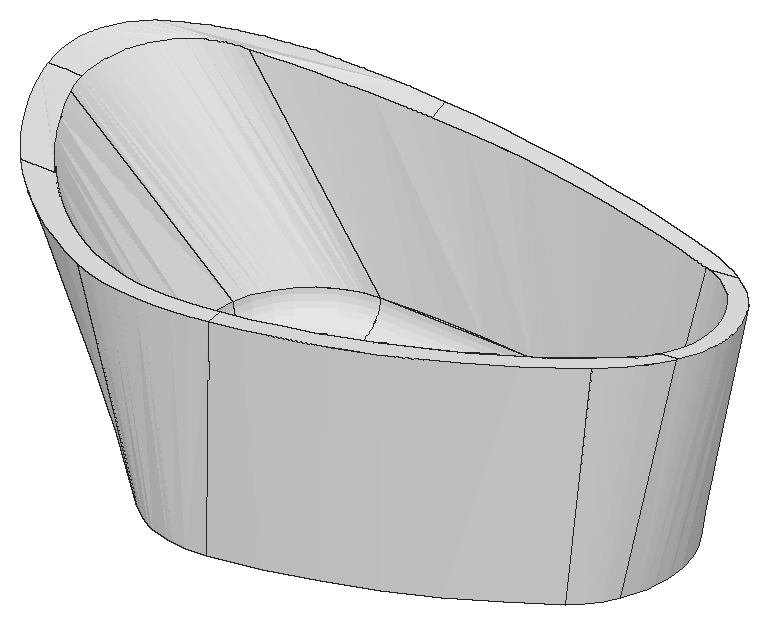
Revit family "Bath-Freestanding-KOHLER-Veil-K-8331T", category Plumbing Fixtures, host Face, Revit 2017
Family settings
  Host = Face
  Round Connector Dimension = Use Diameter
  Part Type = Normal
  OmniClass Number = 23.31.15.00
  OmniClass Title = Bathtubs
  Cut with Voids When Loaded = No
  Shared = No
  Room Calculation Point = No
Parameters (values of type "0-White")
  Width = 37 143/256"  # constant formula
  WaterSense Certified = 1 = 0  # no
  Waste Water Outlet = "Waste Water Outlet"  # constant formula
  Waste Connection = 1 = 1  # yes
  Vent Connection = 1 = 0  # no
  URL = "http://www.kohler.com.cn/"
  Product Page URL = "http://www.kohler.com.cn/product/K-8331T/K-8331T-0/"
  Product Name = "Veil"  # constant formula
  Product Documentation Link = "https://files.kohler.com.cn/pdfs/1510303997395_K-8331T_parts.pdf"
  Model = "K-8331T-0"  # constant formula
  Material = "Lithocast Gloss"  # constant formula
  Master Format 2014 Name = "Residential Bathtubs"  # constant formula
  Master Format 2014 = "22 41 19"  # constant formula
  Manufacturer Address = "Kohler Beijing Office (100016) 36-2-03-B, No. 88, Liuxiang Road, Beijing"  # constant formula
  Manufacturer = "KOHLER Co."  # constant formula
  Length = 64 15/16"  # constant formula
  Hot Water Inlet = "Hot Water Inlet"  # constant formula
  Height = 24 3/8"  # constant formula
  HW Connection = 1 = 0  # no
  Finish = Kohler-Lithocast-0-White
  Environmental Product Declaration = ""
  Drain Included = 1 = 1  # yes
  Description = "Lingya stone bathtub (including drainage)"  # constant formula
  Default Elevation = 0"
  Declare Label = ""
  Date Modified = "01/15/2021"  # constant formula
  Date Created = "01/15/2021"  # constant formula
  Copyright = "Copyright KOHLER Co."  # constant formula
  Contact Us = "http://www.kohler.com.cn/contact/contact-us/"
  Cold Water Inlet = "Cold Water Inlet"  # constant formula
  CW Connection = 1 = 0  # no
  Assembly Code = "D2010500"
  ADA Compliant = 1 = 0  # no
Reference planes (in)
  plane 1 "Center (Front/Back)": y = 0
  plane 2: z = 0
  plane 3 "Center (Left/Right)": x = 0
  plane 4: x = 32.46063
  plane 5: x = -32.47687
  plane 6: y = 15.125
  plane 7: y = -22.43359
  plane 8: z = 24.375
  plane 9: x = 16.27953
  plane 10: y = -4.32382
Dimensions and locks (in)
  "Height": plane 8 to level
  "Length": plane 5 to plane 4
  plane 9 to plane 4 = 16.1811"
  plane 10 to plane 6 = 19.44882"
  "Width": plane 7 to plane 6
  aligned and locked: plane 2 to host face
  aligned and locked: level to host face
Automatic sketch dimensions
  host sketch curve to host sketch curve = 96"  (x2)
Nested families (in)
  nested 1: "K-8331T" at (0, 0, 0), type "K-8331T"
Connectors (in)
  piping at (16.27953, -4.32382, 0.8281), diameter 1.5, driven by "Waste Connection", driven by "Waste Water Outlet"
    settings: on nested 1, index 1, connector inside diameter 24", connector length 0", flow factor 0, pipe flow 0 GPM, pressure drop 0.00 psi, fitting loss kfactor 0, connector angle 0.00°, fixture units 0, engagement length 0", angle of deflection 0.00°, flow configuration 0, flow direction 2, fitting loss method 0, system type 16, joint type 0, gender type 0, connector reference index -1, connector utility 1, adjustable connector no, is connector primary yes, connector description "Waste Water Outlet"
Definition of nested family "K-8331T"
  Parameters (values of type "K-8331T")
    Material = none
  Reference planes (in)
    plane 1 "Center (Front/Back)": y = 0
    plane 2: z = 0
    plane 3 "Center (Left/Right)": x = 0
    plane 4: y = 15.125
    plane 5: y = -22.43406
    plane 6: x = 32.46063
    plane 7: x = -32.46063
    plane 8: z = 24.37008
    plane 9: x = 16.27953
    plane 10 "A": y = -4.32382
  Forms (in)
    Blend 1, solid, material <- "Material", detail levels medium+fine
      base sketch origin (-80.78691, -73.24896, 0) x (0.987688, 0.156434, 0) y (-0.156434, 0.987688, 0)
        loop
          arc (86.888, 41.17867) -> (101.13384, 43.03407) -> (114.54833, 48.17589) r 60.88185
          arc (114.54833, 48.17589) -> (116.32929, 49.44034) -> (117.7149, 51.12877) r 8.22931
          arc (117.7149, 51.12877) -> (119.46284, 56.71274) -> (118.31126, 62.44946) r 11.79111
          arc (118.31126, 62.44946) -> (116.66349, 64.70835) -> (114.32137, 66.23551) r 7.75
          arc (114.32137, 66.23551) -> (99.20467, 71.23659) -> (83.5001, 73.86186) r 103.58765
          arc (83.5001, 73.86186) -> (79.68964, 73.46396) -> (76.30844, 71.66243) r 10
          arc (76.30844, 71.66243) -> (73.84255, 68.703) -> (72.67827, 65.03105) r 10
          arc (72.67827, 65.03105) -> (73.54797, 54.57157) -> (78.35113, 45.23955) r 26.92108
          arc (78.35113, 45.23955) -> (82.14922, 42.22035) -> (86.888, 41.17867) r 10.75
      top sketch origin (-80.78691, -73.24896, 0) x (0.987688, 0.156434, 0) y (-0.156434, 0.987688, 0)
        loop
          arc (59.21597, 63.48165) -> (64.68278, 50.46465) -> (75.14286, 40.9823) r 32.58208
          spline (75.14286, 40.9823) -> (75.90649, 40.58426) -> (76.73244, 40.22505) -> (77.62069, 39.90468) -> (78.57126, 39.62314) -> (79.58413, 39.38044) -> (80.65932, 39.17658) -> (81.79682, 39.01155) -> (82.99663, 38.88537) -> (84.25875, 38.79801) -> (85.58319, 38.7495) -> (86.96993, 38.73982) -> (88.41899, 38.76898)
          arc (88.41899, 38.76898) -> (103.53503, 41.20016) -> (117.55933, 47.34219) r 60.59933
          arc (117.55933, 47.34219) -> (120.38633, 49.45585) -> (122.7236, 52.10097) r 17.24023
          arc (122.7236, 52.10097) -> (124.41807, 58.50663) -> (121.43815, 64.42473) r 9.34173
          arc (121.43815, 64.42473) -> (119.15155, 66.19377) -> (116.60316, 67.55899) r 17.36721
          arc (116.60316, 67.55899) -> (101.013, 73.02106) -> (84.8036, 76.20584) r 115.63124
          spline (84.8036, 76.20584) -> (82.8013, 76.42615) -> (80.86951, 76.58527) -> (79.00816, 76.68316) -> (77.21721, 76.71976) -> (75.4966, 76.69502) -> (73.84627, 76.60884) -> (72.26618, 76.46112) -> (70.75628, 76.25174) -> (69.31653, 75.98058) -> (67.94698, 75.64748) -> (66.64767, 75.25227) -> (65.41867, 74.79477)
          spline (65.41867, 74.79477) -> (64.21164, 74.24021) -> (63.12731, 73.61439) -> (62.16639, 72.91671) -> (61.32963, 72.14663) -> (60.61825, 71.30421) -> (60.03382, 70.39021) -> (59.57749, 69.4061) -> (59.24984, 68.35353) -> (59.05051, 67.23386) -> (58.97895, 66.04837) -> (59.03441, 64.79762) -> (59.21597, 63.48165)
      from 0 to 24.58641
    Sweep 2, void
      path origin (8.10504, -59.16986, 0.875) x (-0.156434, 0.987688, 0) y (0, 0, 1)
        loop
          line (36.12827, 21.72931) -> (38.62827, 21.72931) -> (52.12622, 21.4937)
          arc (52.12622, 21.4937) -> (58.63608, 21.47345) -> (65.14385, 21.63992) r 226.9498
          arc (65.14385, 21.63992) -> (72.16893, 22.41819) -> (79.01521, 24.17485) r 50.22875
      profile origin (2.45333, -23.48639, 22.60431) x (0, 0, -1) y (0.987688, 0.156434, 0)
        loop
          line (0.61082, 35.32831) -> (-4.55764, 35.32831) -> (-4.55764, -34.35674) -> (-2.05764, -34.35674)
          arc (-2.05764, -34.35674) -> (-0.05741, -18.10285) -> (0.61082, -1.73998) r 200.67231
          line (0.61082, -1.73998) -> (0.61082, 35.32831)
    Blend 3, void
      base sketch origin (-0.81971, -2.82121, 0) x (0.987688, 0.156434, 0) y (-0.156434, 0.987688, 0)
        loop
          arc (23.60701, -8.67137) -> (28.92225, 0.50784) -> (22.798, 9.16828) r 9.82509
          arc (22.798, 9.16828) -> (8.56503, 13.76649) -> (-6.18354, 16.25664) r 103.08765
          arc (-6.18354, 16.25664) -> (-11.97191, 14.82145) -> (-15.59224, 10.08244) r 9
          arc (-15.59224, 10.08244) -> (-16.33123, -0.92104) -> (-11.75234, -10.95381) r 22.49874
          arc (-11.75234, -10.95381) -> (-7.50934, -14.27242) -> (-2.23133, -15.34892) r 11.75
          arc (-2.23133, -15.34892) -> (11.06137, -13.4555) -> (23.60701, -8.67137) r 60.38185
      top sketch origin (-0.81971, -2.82121, 0) x (0.987688, 0.156434, 0) y (-0.156434, 0.987688, 0)
        loop
          arc (28.82032, -6.99281) -> (32.85375, 0.88782) -> (27.84077, 8.18459) r 8.64544
          arc (27.84077, 8.18459) -> (4.95108, 15.65368) -> (-19.04235, 17.66365) r 104.08765
          arc (-19.04235, 17.66365) -> (-26.53168, 13.76258) -> (-28.1666, 5.47793) r 9.75
          arc (-28.1666, 5.47793) -> (-24.50437, -3.38558) -> (-18.55354, -10.9063) r 34.66193
          arc (-18.55354, -10.9063) -> (-12.53039, -14.84288) -> (-5.4951, -16.35274) r 19.69132
          arc (-5.4951, -16.35274) -> (12.35544, -14.21285) -> (28.82032, -6.99281) r 61.38185
      from 6.13875 to 24.58641
    Sweep 4, void
      path origin (-0.81971, -2.82121, 0) x (0.987688, 0.156434, 0) y (-0.156434, 0.987688, 0)
        loop
          arc (28.8625, -1.10663) -> (28.92378, 0.47279) -> (28.73099, 2.0416) r 9.82509
          arc (28.73099, 2.0416) -> (26.65816, 6.34892) -> (22.798, 9.16828) r 9.82509
          arc (22.798, 9.16828) -> (8.56503, 13.76649) -> (-6.18354, 16.25664) r 103.08765
          arc (-6.18354, 16.25664) -> (-11.97191, 14.82145) -> (-15.59224, 10.08244) r 9
          arc (-15.59224, 10.08244) -> (-16.33123, -0.92104) -> (-11.75234, -10.95381) r 22.49874
          arc (-11.75234, -10.95381) -> (-7.50934, -14.27242) -> (-2.23133, -15.34892) r 11.75
          arc (-2.23133, -15.34892) -> (11.06137, -13.4555) -> (23.60701, -8.67137) r 60.38185
          arc (23.60701, -8.67137) -> (27.17618, -5.54304) -> (28.8625, -1.10663) r 9.82509
      profile origin (27.674, 2.17043, 0) x (-0.980299, -0.19752, 0) y (0, 0, 1)
        loop
          line (3.25793, 6.13875) -> (0, 6.13875)
          arc (0, 6.13875) -> (0.76267, 4.12007) -> (2.74758, 3.27339) r 2.75
          line (2.74758, 3.27339) -> (3.25793, 3.27339) -> (3.25793, 6.13875)
    Extrusion 5, void
      sketch origin (-0.81971, -2.82121, 0) x (0.987688, 0.156434, 0) y (-0.156434, 0.987688, 0)
        loop
          arc (-12.49427, 9.0741) -> (-13.12625, -0.33602) -> (-9.21041, -8.91599) r 19.2408
          arc (-9.21041, -8.91599) -> (-6.14387, -11.31444) -> (-2.3293, -12.09246) r 8.49207
          arc (-2.3293, -12.09246) -> (10.24619, -10.3012) -> (22.11492, -5.7752) r 57.12392
          arc (22.11492, -5.7752) -> (24.50058, -3.6842) -> (25.62772, -0.71888) r 6.56716
          arc (25.62772, -0.71888) -> (25.66868, 0.33682) -> (25.53982, 1.38543) r 6.56716
          arc (25.53982, 1.38543) -> (24.15433, 4.26447) -> (21.57417, 6.14894) r 6.56716
          arc (21.57417, 6.14894) -> (7.79101, 10.60184) -> (-6.49145, 13.01329) r 99.82971
          arc (-6.49145, 13.01329) -> (-10.18448, 12.09763) -> (-12.49427, 9.0741) r 5.74207
      from 3.27339 to 6.13875
    Extrusion 6, void, detail levels medium+fine
      sketch origin (-0.81971, -2.82121, 0) x (0.987688, 0.156434, 0) y (-0.156434, 0.987688, 0)
        loop
          arc (23.61717, -7.10514) -> (24.9653, -6.14799) -> (26.01415, -4.86991) r 6.22931
          arc (26.01415, -4.86991) -> (27.46561, -0.23309) -> (26.50936, 4.53057) r 9.79111
          arc (26.50936, 4.53057) -> (25.28682, 6.20653) -> (23.54912, 7.33958) r 5.75
          arc (23.54912, 7.33958) -> (8.72428, 12.24409) -> (-6.67707, 14.81868) r 101.58765
          arc (-6.67707, 14.81868) -> (-12.44363, 13.04836) -> (-15.33454, 7.75403) r 8
          arc (-15.33454, 7.75403) -> (-14.52945, -1.92839) -> (-10.08312, -10.56713) r 24.92108
          arc (-10.08312, -10.56713) -> (-6.99165, -13.02462) -> (-3.13451, -13.8725) r 8.75
          arc (-3.13451, -13.8725) -> (10.64336, -12.07805) -> (23.61717, -7.10514) r 58.88185
      from 0 to 2.66635
    Revolve 7, void
      sketch origin (-1.22681, -7.14503, 0.5) x (0.987688, 0.156434, 0) y (0, 0, 1)
        loop
          line (15.16466, 0.3281) -> (17.72466, 0.3281) -> (17.72466, 2.77339) -> (14.42293, 2.77339)
          arc (14.42293, 2.77339) -> (14.94843, 2.55512) -> (15.16466, 2.02877) r 0.74174
          line (15.16466, 2.02877) -> (15.16466, 0.3281)
        axis (17.72466, 2.77339) -> (17.72466, 0.3281)
      angle from 0 to 360
    Extrusion 8, void, detail levels medium+fine
      sketch origin (11.12188, -8.08052, 0) x (-0.587785, -0.809017, 0) y (0, 0, 1)
        loop
          line (-8.82228, 19.25) -> (-10.82228, 19.25)
          arc (-10.82228, 19.25) -> (-11.07228, 19) -> (-10.82228, 18.75) r 0.25
          line (-10.82228, 18.75) -> (-8.82228, 18.75)
          arc (-8.82228, 18.75) -> (-8.57228, 19) -> (-8.82228, 19.25) r 0.25
      from -12.27424 to -10.90435
    Extrusion 9, solid, material <- "Material", detail levels coarse
      sketch origin (0, 0, 0) x (1, 0, 0) y (0, 1, 0)
        loop
          arc (-31.67622, -1.67787) -> (-27.45216, -9.27388) -> (-21.44985, -15.55992) r 34.20254
          arc (-21.44985, -15.55992) -> (-11.44364, -20.59343) -> (-0.25001, -20.99735) r 26.25
          arc (-0.25001, -20.99735) -> (15.21162, -15.98225) -> (28.78048, -7.03241) r 60.51172
          arc (28.78048, -7.03241) -> (32.28748, 2.60593) -> (26.00643, 10.71426) r 10.61852
          arc (26.00643, 10.71426) -> (23.40245, 11.7169) -> (20.72645, 12.50748) r 34.76677
          arc (20.72645, 12.50748) -> (11.39624, 14.35268) -> (1.9251, 15.22167) r 91.71086
          arc (1.9251, 15.22167) -> (-10.64763, 15.06037) -> (-23.13437, 13.58356) r 119.9252
          arc (-23.13437, 13.58356) -> (-31.04611, 7.99062) -> (-31.67622, -1.67787) r 11.25
        loop
          arc (-0.60598, -19.02928) -> (14.34463, -14.17993) -> (27.46502, -5.5259) r 58.51172
          arc (27.46502, -5.5259) -> (30.31147, 2.29705) -> (25.21346, 8.87818) r 8.61852
          arc (25.21346, 8.87818) -> (22.75928, 9.82314) -> (20.23721, 10.56824) r 32.76677
          arc (20.23721, 10.56824) -> (11.11048, 12.3732) -> (1.84588, 13.22324) r 89.71086
          arc (1.84588, 13.22324) -> (-10.51717, 13.06463) -> (-22.79567, 11.61245) r 117.9252
          arc (-22.79567, 11.61245) -> (-29.30088, 7.01381) -> (-29.81897, -0.93584) r 9.25
          arc (-29.81897, -0.93584) -> (-25.84191, -8.08767) -> (-20.19058, -14.00613) r 32.20254
          arc (-20.19058, -14.00613) -> (-10.94675, -18.65614) -> (-0.60598, -19.02928) r 24.25
      from 0 to 23.95449
    Extrusion 10, solid, material <- "Material", detail levels coarse
      sketch origin (0, 0, 0) x (1, 0, 0) y (0, 1, 0)
        loop
          arc (27.46502, -5.5259) -> (30.31147, 2.29705) -> (25.21346, 8.87818) r 8.61852
          arc (25.21346, 8.87818) -> (22.75928, 9.82314) -> (20.23721, 10.56824) r 32.76677
          arc (20.23721, 10.56824) -> (11.11048, 12.3732) -> (1.84588, 13.22324) r 89.71086
          arc (1.84588, 13.22324) -> (-10.51717, 13.06463) -> (-22.79567, 11.61245) r 117.9252
          arc (-22.79567, 11.61245) -> (-29.30088, 7.01381) -> (-29.81897, -0.93584) r 9.25
          arc (-29.81897, -0.93584) -> (-25.84191, -8.08767) -> (-20.19058, -14.00613) r 32.20254
          arc (-20.19058, -14.00613) -> (-10.94675, -18.65614) -> (-0.60598, -19.02928) r 24.25
          arc (-0.60598, -19.02928) -> (14.34463, -14.17993) -> (27.46502, -5.5259) r 58.51172
      from 0 to 1.30729
    Revolve 11, solid, material <- "Material", detail levels medium+fine
      sketch origin (0, -4.32382, 0) x (-1, 0, 0) y (0, 0, 1)
        loop
          line (-13.41145, 0.8281) -> (-13.41145, 2.66635) -> (-13.67317, 2.66635) -> (-13.67317, 1.2094) -> (-15.28987, 1.2094) -> (-15.28987, 2.81179) -> (-13.67534, 2.81179)
          arc (-13.67534, 2.81179) -> (-13.541, 2.93543) -> (-13.65308, 3.07955) r 0.13481
          arc (-13.65308, 3.07955) -> (-14.96177, 3.24297) -> (-16.27953, 3.29682) r 15.82281
          line (-16.27953, 3.29682) -> (-16.27953, 0.8281) -> (-13.41145, 0.8281)
        axis (-16.27953, 3.29682) -> (-16.27953, 0.8281)
      angle from 0 to 360
  Cuts and joins
    Sweep 2, Blend 3, Sweep 4, Extrusion 5, Extrusion 6, Revolve 7, Extrusion 8 cuts Blend 1
    joined: Extrusion 9, Extrusion 10
  Lines and regions (in)
    Masking region 1
      outline origin (-0.81971, -2.82121, 0) x (0.987688, 0.156434, 0) y (-0.156434, 0.987688, 0)
        loop
          arc (26.36723, 10.37115) -> (22.13225, 12.2088) -> (17.76911, 13.71714) r 60.31146
          arc (17.76911, 13.71714) -> (13.85013, 15.02857) -> (9.8631, 16.1157) r 72.8598
          arc (9.8631, 16.1157) -> (4.93752, 17.22508) -> (-0.02159, 18.17333) r 154.88683
          line (-0.02159, 18.17333) -> (-4.7802, 18.92702)
          arc (-4.7802, 18.92702) -> (-9.36929, 19.42285) -> (-13.98142, 19.60664) r 68.09424
          arc (-13.98142, 19.60664) -> (-19.37806, 19.25914) -> (-24.5681, 17.73992) r 24.57943
          arc (-24.5681, 17.73992) -> (-28.36611, 14.89731) -> (-30.35777, 10.59166) r 9.68176
          arc (-30.35777, 10.59166) -> (-30.55195, 7.97385) -> (-30.16131, 5.37808) r 11.77436
          spline (-30.16131, 5.37808) -> (-29.92591, 4.47147) -> (-29.66574, 3.57163) -> (-29.38099, 2.67921) -> (-29.07189, 1.79489) -> (-28.73867, 0.91933) -> (-28.38156, 0.05319) -> (-28.00085, -0.8029) -> (-27.59681, -1.64828) -> (-27.16975, -2.48232) -> (-26.71999, -3.3044) -> (-26.24787, -4.1139) -> (-25.75373, -4.91022)
          spline (-25.75373, -4.91022) -> (-25.0278, -5.99635) -> (-24.25984, -7.05225) -> (-23.45051, -8.07728) -> (-22.60166, -9.06967) -> (-21.71483, -10.02808) -> (-20.79146, -10.95126) -> (-19.83298, -11.83797) -> (-18.84085, -12.68702) -> (-17.81651, -13.49724) -> (-16.76153, -14.26738) -> (-15.67782, -14.99598) -> (-14.56609, -15.68252)
          arc (-14.56609, -15.68252) -> (-11.23134, -17.35479) -> (-7.698, -18.55168) r 27.01345
          arc (-7.698, -18.55168) -> (-3.22864, -19.2689) -> (1.29469, -19.09849) r 23.04098
          arc (1.29469, -19.09849) -> (14.84745, -15.93843) -> (27.23943, -9.6058) r 57.3264
          arc (27.23943, -9.6058) -> (29.20728, -8.13322) -> (31.02387, -6.47765) r 25.44434
          arc (31.02387, -6.47765) -> (32.52955, -4.43441) -> (33.37205, -2.04023) r 8.58567
          line (33.37205, -2.04023) -> (33.46048, -1.48186)
          arc (33.46048, -1.48186) -> (33.56233, 0.81733) -> (33.29712, 3.10343) r 14.4206
          arc (33.29712, 3.10343) -> (32.0639, 5.83122) -> (30.10304, 8.09322) r 10.37273
          spline (30.10304, 8.09322) -> (29.81699, 8.32128) -> (29.52582, 8.54274) -> (29.22968, 8.75749) -> (28.92873, 8.96542) -> (28.62313, 9.16643) -> (28.31303, 9.3604) -> (27.99859, 9.54724) -> (27.67999, 9.72685) -> (27.35738, 9.89913) -> (27.03094, 10.064) -> (26.70083, 10.22136) -> (26.36723, 10.37115)
    Masking region 2
      outline origin (0, 0, 0) x (1, 0, 0) y (0, 0, 1)
        loop
          line (-19.18615, 0) -> (28.39758, 0) -> (32.46063, 21.74594)
          spline (32.46063, 21.74594) -> (32.33954, 21.75045) -> (32.20565, 21.75536) -> (32.05917, 21.76068) -> (31.90035, 21.76641) -> (31.72943, 21.77251) -> (31.54671, 21.779) -> (31.35247, 21.78586) -> (31.14704, 21.79307) -> (30.93075, 21.80063) -> (30.70396, 21.80852) -> (30.46703, 21.81673) -> (30.22035, 21.82524)
          spline (30.22035, 21.82524) -> (30.00159, 21.83202) -> (29.77936, 21.83888) -> (29.55374, 21.84582) -> (29.32481, 21.85283) -> (29.09264, 21.85993) -> (28.85731, 21.86709) -> (28.6189, 21.87433) -> (28.37748, 21.88163) -> (28.13315, 21.889) -> (27.88597, 21.89643) -> (27.63604, 21.90392) -> (27.38344, 21.91147)
          spline (27.38344, 21.91147) -> (27.08403, 21.92045) -> (26.78144, 21.92992) -> (26.4756, 21.93976) -> (26.16666, 21.94998) -> (25.85476, 21.96058) -> (25.54004, 21.97155) -> (25.22264, 21.98288) -> (24.9027, 21.99456) -> (24.58037, 22.00661) -> (24.2558, 22.019) -> (23.92913, 22.03173) -> (23.60051, 22.0448)
          spline (23.60051, 22.0448) -> (21.22462, 22.13431) -> (18.83767, 22.23612) -> (16.44049, 22.34774) -> (14.03395, 22.4667) -> (11.61889, 22.59051) -> (9.19622, 22.71684) -> (6.76699, 22.84368) -> (4.33223, 22.96904) -> (1.893, 23.09096) -> (-0.54965, 23.20747) -> (-2.99481, 23.31685) -> (-5.44177, 23.41768)
          spline (-5.44177, 23.41768) -> (-5.73727, 23.42942) -> (-6.03276, 23.44145) -> (-6.32823, 23.45379) -> (-6.62368, 23.46642) -> (-6.91911, 23.47935) -> (-7.21452, 23.49258) -> (-7.5099, 23.50611) -> (-7.80526, 23.51993) -> (-8.10058, 23.53405) -> (-8.39588, 23.54846) -> (-8.69114, 23.56318) -> (-8.98637, 23.57819)
          spline (-8.98637, 23.57819) -> (-10.32195, 23.64854) -> (-11.65291, 23.72233) -> (-12.9792, 23.79876) -> (-14.30054, 23.8766) -> (-15.61624, 23.95468) -> (-16.92531, 24.03177) -> (-18.22491, 24.10595) -> (-19.51249, 24.17593) -> (-20.78315, 24.23959) -> (-22.02947, 24.2945) -> (-23.24132, 24.33843) -> (-24.40926, 24.37011)
          arc (-24.40926, 24.37011) -> (-28.39464, 24.36085) -> (-32.37941, 24.29123) r 263.16746
          arc (-32.37941, 24.29123) -> (-32.44954, 24.24948) -> (-32.45035, 24.16788) r 0.0833
          line (-32.45035, 24.16788) -> (-19.18615, 0)
    Masking region 3
      outline origin (0, 0, 0) x (0, 1, 0) y (0, 0, 1)
        loop
          spline (-11.69983, 23.19974) -> (-12.74487, 23.12651) -> (-13.75021, 23.05046) -> (-14.71527, 22.97217) -> (-15.63849, 22.89237) -> (-16.51867, 22.81176) -> (-17.35471, 22.73101) -> (-18.14552, 22.6508) -> (-18.89007, 22.57178) -> (-19.58734, 22.4946) -> (-20.23626, 22.4199) -> (-20.83559, 22.34833) -> (-21.38489, 22.28042)
          arc (-21.38489, 22.28042) -> (-21.82146, 22.21413) -> (-22.25407, 22.12557) r 8.61541
          arc (-22.25407, 22.12557) -> (-22.37039, 22.04745) -> (-22.40527, 21.91175) r 0.19685
          line (-22.40527, 21.91175) -> (-19.93665, 0) -> (13.00788, 0) -> (15.125, 23.27547)
          arc (15.125, 23.27547) -> (15.03801, 23.51693) -> (14.84429, 23.68529) r 0.50923
          arc (14.84429, 23.68529) -> (14.06288, 23.99441) -> (13.24076, 24.16843) r 5.00489
          arc (13.24076, 24.16843) -> (11.94652, 24.29969) -> (10.64755, 24.37008) r 27.71391
          arc (10.64755, 24.37008) -> (4.78091, 24.22071) -> (-1.07949, 23.91169) r 215.54825
          spline (-1.07949, 23.91169) -> (-2.04631, 23.84745) -> (-3.00109, 23.78392) -> (-3.94296, 23.72115) -> (-4.87105, 23.65919) -> (-5.7845, 23.59812) -> (-6.68246, 23.53797) -> (-7.56411, 23.47882) -> (-8.42865, 23.42071) -> (-9.27525, 23.36369) -> (-10.10316, 23.30782) -> (-10.9116, 23.25316) -> (-11.69983, 23.19974)
    symbolic lines
      curve 1: spline (-5.15475, 13.39333, 0) -> (-6.58139, 13.35105, 0) -> (-8.00713, 13.29008, 0) -> (-9.43171, 13.21042, 0) -> (-10.85485, 13.1121, 0) -> (-12.27628, 12.99512, 0) -> (-13.69572, 12.85952, 0) -> (-15.11291, 12.70533, 0) -> (-16.52757, 12.53256, 0) -> (-17.93942, 12.34125, 0) -> (-19.34821, 12.13144, 0) -> (-20.75366, 11.90317, 0) -> (-22.15549, 11.65648, 0)
      curve 2: line (-22.15549, 11.65648, 0) -> (-29.72988, 0.74849, 0)
      curve 3: spline (-29.72988, 0.74849, 0) -> (-29.69051, 0.54288, 0) -> (-29.64643, 0.33824, 0) -> (-29.59767, 0.13469, 0) -> (-29.54425, -0.06767, 0) -> (-29.48621, -0.26873, 0) -> (-29.42358, -0.46838, 0) -> (-29.35638, -0.66652, 0) -> (-29.28465, -0.86304, 0) -> (-29.20843, -1.05784, 0) -> (-29.12777, -1.25082, 0) -> (-29.0427, -1.44187, 0) -> (-28.95327, -1.63089, 0)
      curve 4: spline (-28.95327, -1.63089, 0) -> (-28.54179, -2.50111, 0) -> (-28.10837, -3.3607, 0) -> (-27.65327, -4.20911, 0) -> (-27.17681, -5.04581, 0) -> (-26.67927, -5.87025, 0) -> (-26.16098, -6.6819, 0) -> (-25.62227, -7.48025, 0) -> (-25.06349, -8.26478, 0) -> (-24.48499, -9.03499, 0) -> (-23.88715, -9.79039, 0) -> (-23.27035, -10.53048, 0) -> (-22.63498, -11.25481, 0)
      curve 5: spline (-22.63348, -11.25347, 0) -> (-22.19234, -11.73129, 0) -> (-21.74227, -12.2007, 0) -> (-21.28343, -12.66153, 0) -> (-20.81597, -13.11363, 0) -> (-20.34007, -13.55681, 0) -> (-19.85589, -13.99094, 0) -> (-19.3636, -14.41585, 0) -> (-18.86339, -14.8314, 0) -> (-18.35543, -15.23744, 0) -> (-17.83989, -15.63381, 0) -> (-17.31697, -16.02039, 0) -> (-16.78685, -16.39704, 0)
      curve 6: line (30.17847, -2.90859, 0) -> (24.73002, 9.64164, 0)
      curve 7: line (24.73002, 9.64164, 0) -> (-5.15475, 13.39333, 0)
      curve 18: arc (13.21438, -4.80929, 0) -> (15.79406, -1.25867, 0) -> (19.34468, -3.83835, 0) r 3.10336
      curve 19: arc (19.34468, -3.83835, 0) -> (16.765, -7.38897, 0) -> (13.21438, -4.80929, 0) r 3.10336
      curve 45: arc (25.08367, -8.92417, 0) -> (28.01166, -6.23871, 0) -> (30.17847, -2.90859, 0) r 15.82457
      curve 46: arc (9.16676, -17.89269, 0) -> (17.35689, -13.8196, 0) -> (25.08367, -8.92417, 0) r 88.6413
      curve 47: arc (2.76059, -20.21026, 0) -> (6.00005, -19.15202, 0) -> (9.16676, -17.89269, 0) r 54.31245
      curve 48: arc (-16.78685, -16.39704, 0) -> (-11.31136, -19.3075, 0) -> (-5.30182, -20.83629, 0) r 25.9581
      curve 49: arc (-5.30182, -20.83629, 0) -> (-1.23812, -20.94175, 0) -> (2.76059, -20.21026, 0) r 19.68504
    symbolic lines, detail levels medium+fine
      curve 8: arc (-9.47023, 12.26796, 0) -> (-14.96282, 9.94494, 0) -> (-17.79722, 4.69793, 0) r 9
      curve 9: arc (-17.79722, 4.69793, 0) -> (-16.8058, -6.28568, 0) -> (-10.71381, -15.47864, 0) r 22.49874
      curve 10: arc (-10.71381, -15.47864, 0) -> (-6.0039, -18.09263, 0) -> (-0.62247, -18.33022, 0) r 11.75
      curve 11: arc (23.85315, -7.69287, 0) -> (12.21038, -14.38067, 0) -> (-0.62247, -18.33022, 0) r 60.38185
      curve 12: arc (27.86056, 0.60087, 0) -> (26.88901, -4.04472, 0) -> (23.85315, -7.69287, 0) r 9.82509
      curve 13: arc (20.26337, 9.80058, 0) -> (24.51705, 7.6198, 0) -> (27.23818, 3.68977, 0) r 9.82509
      curve 14: arc (27.23818, 3.68977, 0) -> (27.674, 2.17043, 0) -> (27.86056, 0.60087, 0) r 9.82509
      curve 15: arc (-9.47023, 12.26796, 0) -> (5.48631, 12.11566, 0) -> (20.26337, 9.80058, 0) r 103.08765
      curve 16: arc (13.75105, -4.72429, 0) -> (15.87906, -1.79534, 0) -> (18.80801, -3.92335, 0) r 2.56
      curve 17: arc (18.80801, -3.92335, 0) -> (16.68, -6.8523, 0) -> (13.75105, -4.72429, 0) r 2.56
      curve 20: spline (-25.48845, 0, 23.19976) -> (-26.09338, 0, 23.24721) -> (-26.67914, 0, 23.29565) -> (-27.2453, 0, 23.34505) -> (-27.79144, 0, 23.39537) -> (-28.31717, 0, 23.44658) -> (-28.8221, 0, 23.49864) -> (-29.30586, 0, 23.55151) -> (-29.76811, 0, 23.60515) -> (-30.2085, 0, 23.65952) -> (-30.62671, 0, 23.71458) -> (-31.02244, 0, 23.7703) -> (-31.39539, 0, 23.82664)
      curve 21: line (-12.75318, 0, 22.35594) -> (-25.48845, 0, 23.19976)
      curve 22: line (-12.75318, 0, 22.35594) -> (0.27886, 0, 21.98649)
      curve 23: spline (0.27886, 0, 21.98649) -> (2.76385, 0, 21.9842) -> (5.22455, 0, 21.98005) -> (7.65662, 0, 21.97405) -> (10.05578, 0, 21.96621) -> (12.41779, 0, 21.95655) -> (14.73849, 0, 21.94508) -> (17.0138, 0, 21.93183) -> (19.23971, 0, 21.91681) -> (21.41228, 0, 21.90005) -> (23.52769, 0, 21.88159) -> (25.58221, 0, 21.86144) -> (27.57222, 0, 21.83966)
      curve 24: line (-21.91765, 0, 23.91397) -> (-29.48693, 0, 23.59596)
      curve 25: spline (-5.10798, 0, 22.97645) -> (-6.51844, 0, 23.02054) -> (-7.92802, 0, 23.07085) -> (-9.33647, 0, 23.12739) -> (-10.74352, 0, 23.19014) -> (-12.1489, 0, 23.25908) -> (-13.55235, 0, 23.33421) -> (-14.9536, 0, 23.41551) -> (-16.35239, 0, 23.50296) -> (-17.74845, 0, 23.59655) -> (-19.14153, 0, 23.69626) -> (-20.53135, 0, 23.80208) -> (-21.91765, 0, 23.91397)
      curve 26: line (24.65395, 0, 21.9134) -> (-5.10798, 0, 22.97645)
      curve 27: line (27.57222, 0, 21.83966) -> (32.45885, 0, 21.73644)
      curve 28: line (24.65395, 0, 21.9134) -> (32.45885, 0, 21.73644)
      curve 29: spline (0, -21.32346, 21.98692) -> (0, -20.86305, 21.98638) -> (0, -20.28005, 21.98367) -> (0, -19.57567, 21.97878) -> (0, -18.75136, 21.97173) -> (0, -17.80883, 21.96253) -> (0, -16.75001, 21.9512) -> (0, -15.5771, 21.93777) -> (0, -14.29251, 21.92226) -> (0, -12.8989, 21.9047) -> (0, -11.39914, 21.88513) -> (0, -9.79633, 21.8636) -> (0, -8.09378, 21.84014)
      curve 30: spline (0, -8.09378, 21.84014) -> (0, -7.71659, 21.83484) -> (0, -7.32386, 21.82923) -> (0, -6.9161, 21.82332) -> (0, -6.49382, 21.81713) -> (0, -6.05756, 21.81065) -> (0, -5.60791, 21.80389) -> (0, -5.14542, 21.79687) -> (0, -4.6707, 21.7896) -> (0, -4.18436, 21.78207) -> (0, -3.68703, 21.77431) -> (0, -3.17934, 21.76632) -> (0, -2.66196, 21.75812)
      curve 31: spline (0, 7.94535, 21.82286) -> (0, 7.34685, 21.80291) -> (0, 6.69474, 21.7849) -> (0, 5.9953, 21.76901) -> (0, 5.25528, 21.75539) -> (0, 4.4818, 21.74416) -> (0, 3.68233, 21.73545) -> (0, 2.86456, 21.72933) -> (0, 2.03638, 21.72587) -> (0, 1.20577, 21.72509) -> (0, 0.38074, 21.727) -> (0, -0.43076, 21.73159) -> (0, -1.22091, 21.73881)
      curve 32: spline (0, -1.22091, 21.73881) -> (0, -1.34275, 21.74017) -> (0, -1.46421, 21.74157) -> (0, -1.5853, 21.74302) -> (0, -1.70601, 21.74451) -> (0, -1.82632, 21.74605) -> (0, -1.94624, 21.74763) -> (0, -2.06575, 21.74925) -> (0, -2.18485, 21.75092) -> (0, -2.30352, 21.75264) -> (0, -2.42177, 21.75439) -> (0, -2.53958, 21.75619) -> (0, -2.65695, 21.75804)
      curve 33: line (0, 15.125, 23.27547) -> (0, 11.54699, 22.0448)
      curve 34: spline (0, 11.54699, 22.0448) -> (0, 11.45821, 22.03175) -> (0, 11.36247, 22.01903) -> (0, 11.25983, 22.00665) -> (0, 11.15032, 21.99462) -> (0, 11.03399, 21.98294) -> (0, 10.91091, 21.97162) -> (0, 10.78112, 21.96066) -> (0, 10.64468, 21.95007) -> (0, 10.50166, 21.93986) -> (0, 10.35212, 21.93002) -> (0, 10.19612, 21.92056) -> (0, 10.03374, 21.91149)
      curve 35: line (0, -16.38089, 22.50496) -> (0, -19.63619, 21.97925)
      curve 36: spline (0, -11.25015, 22.85611) -> (0, -11.72679, 22.82724) -> (0, -12.19505, 22.79826) -> (0, -12.65476, 22.76919) -> (0, -13.10574, 22.74003) -> (0, -13.54785, 22.71079) -> (0, -13.98091, 22.6815) -> (0, -14.40477, 22.65214) -> (0, -14.81929, 22.62275) -> (0, -15.2243, 22.59332) -> (0, -15.61966, 22.56388) -> (0, -16.00524, 22.53442) -> (0, -16.38089, 22.50496)
      curve 37: spline (0, -1.40576, 23.4727) -> (0, -2.29671, 23.41312) -> (0, -3.17679, 23.35489) -> (0, -4.04539, 23.29807) -> (0, -4.90191, 23.2427) -> (0, -5.74576, 23.18881) -> (0, -6.57636, 23.13644) -> (0, -7.39313, 23.08563) -> (0, -8.1955, 23.03641) -> (0, -8.98293, 22.98882) -> (0, -9.75487, 22.94288) -> (0, -10.51078, 22.89864) -> (0, -11.25015, 22.85611)
      curve 38: spline (0, 0.78808, 23.59596) -> (0, 0.59923, 23.58757) -> (0, 0.4112, 23.57883) -> (0, 0.22407, 23.56974) -> (0, 0.03793, 23.5603) -> (0, -0.14714, 23.55051) -> (0, -0.33106, 23.54038) -> (0, -0.51374, 23.52991) -> (0, -0.69511, 23.51911) -> (0, -0.87507, 23.50799) -> (0, -1.05356, 23.49654) -> (0, -1.23048, 23.48478) -> (0, -1.40576, 23.4727)
      curve 39: line (0, 11.66857, 23.91388) -> (0, 0.78808, 23.59596)
      curve 40: spline (0, 13.37325, 22.97794) -> (0, 13.33116, 23.02211) -> (0, 13.27083, 23.07247) -> (0, 13.19227, 23.12901) -> (0, 13.0955, 23.19171) -> (0, 12.98054, 23.26058) -> (0, 12.8474, 23.3356) -> (0, 12.69611, 23.41674) -> (0, 12.5267, 23.50401) -> (0, 12.33921, 23.59737) -> (0, 12.13366, 23.69681) -> (0, 11.9101, 23.80232) -> (0, 11.66857, 23.91388)
      curve 41: line (0, 9.64435, 21.9134) -> (0, 13.37325, 22.97794)
      curve 42: spline (0, 10.03373, 21.91159) -> (0, 9.88552, 21.90381) -> (0, 9.73241, 21.89609) -> (0, 9.57447, 21.88843) -> (0, 9.41176, 21.88084) -> (0, 9.24433, 21.87332) -> (0, 9.07223, 21.86587) -> (0, 8.89554, 21.8585) -> (0, 8.71431, 21.85121) -> (0, 8.52861, 21.84399) -> (0, 8.33851, 21.83686) -> (0, 8.14406, 21.82982) -> (0, 7.94535, 21.82286)
      curve 43: arc (-31.39539, 0, 23.82664) -> (-31.82005, 0, 23.90066) -> (-32.2419, 0, 23.98923) r 12.5377
      curve 44: arc (-32.45035, 0, 24.16788) -> (-32.36088, 0, 24.06134) -> (-32.2419, 0, 23.98923) r 0.42684
      curve 50: arc (0, -22.25407, 22.12557) -> (0, -21.79395, 22.02145) -> (0, -21.32346, 21.98692) r 3.16314
      curve 51: spline (25.44861, -8.56941, 0) -> (25.49074, -8.54159, 0) -> (25.60331, -8.44815, 0) -> (25.77867, -8.29544, 0) -> (26.00485, -8.09389, 0) -> (26.26644, -7.85722, 0) -> (26.54562, -7.60157, 0) -> (26.82336, -7.34435, 0) -> (27.08073, -7.10309, 0) -> (27.30019, -6.89425, 0) -> (27.46679, -6.73204, 0) -> (27.56917, -6.62752, 0) -> (27.60036, -6.58782, 0) -> (27.55823, -6.61564, 0) -> (27.44565, -6.70909, 0) -> (27.2703, -6.86179, 0) -> (27.04412, -7.06334, 0) -> (26.78253, -7.30001, 0) -> (26.50335, -7.55567, 0) -> (26.22561, -7.81288, 0) -> (25.96824, -8.05414, 0) -> (25.74878, -8.26299, 0) -> (25.58218, -8.4252, 0) -> (25.4798, -8.52971, 0) -> (25.44861, -8.56941, 0)
  Dimensions and locks (in)
    plane 7 to plane 6 = 64.92126"
    plane 8 to level = 24.37008"
    plane 4 to plane 5 = 37.55906"
    plane 6 to plane 7 = 64.92126"
    plane 9 to plane 6 = 16.1811"
    plane 4 to plane 10 "A" = 19.44882"
    aligned and locked: plane 2 to level
